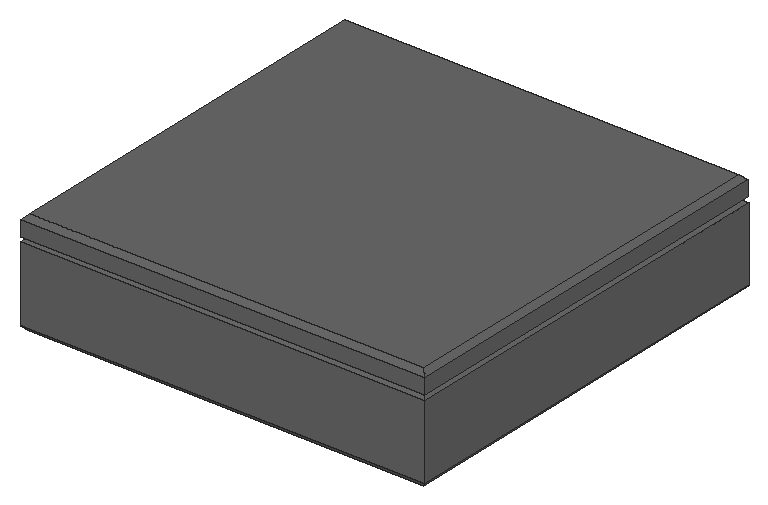
Revit family "Control_System-Lutron-X96_Ketra_Controller", category Lighting Fixtures, host Face, Revit 2019
Family settings
  Host = Face
  Round Connector Dimension = Use Radius
  Part Type = Normal
  OmniClass Number = 23.80.30.11.17
  OmniClass Title = Distribution Boards and Control Panels
  Cut with Voids When Loaded = Yes
  Light Source = No
  Shared = No
  Room Calculation Point = No
Parameters (values of type "HW-X96-X-J1")
  Width = 0' - 5"  # constant formula
  Wattage Comments = "92W"
  Wattage = 92 W
  Warranty URL = "https://www.ketra.com/warranty"
  Voltage = 120 V
  Video Link = "https://www.youtube.com/channel/UCoi0s4m2bA8ay4c_NMBYIDQ"
  Version = "2019 - v1.0a"  # constant formula
  Type Comments = ""
  Support Phone = "(224) 699-9545"  # constant formula
  Support Email = "mailto: support@anguleris.com"
  Product Page URL = "https://www.ketra.com/led-lighting-products/controlsystems/x96"
  Product Name = "X96 Ketra Controller"  # constant formula
  Product Documentation Link = "https://www.ketra.com/hubfs/X96_Spec_3662483b.pdf"
  Power Factor = 1
  Performance URL = "http://www.lutron.com/en-US/Service-Support/Pages/Technical/PerfomanceSpecs.aspx"
  URL = "https://www.ketra.com/"
  Series = "Ketra"  # constant formula
  Number of Poles = 1
  Model = "HW-X96-X-J1"  # constant formula
  Material = ""
  Manufacturer Phone Number = "610-282-3800"  # constant formula
  Manufacturer Fax Number = "610-282-1243"  # constant formula
  Manufacturer Email = "lightingsupport@lutron.com"
  Manufacturer Address = "7200 Suter Rd, Coopersburg, PA 18036"  # constant formula
  Manufacturer = "Lutron Electronics Co., Inc"  # constant formula
  Load Classification = Lighting
  Lamp = "-"  # constant formula
  Keynote = "26 51 00"
  Instruction Sheet Link = "https://www.ketra.com/hubfs/3662641a.pdf"
  Height = 0' - 5"  # constant formula
  Frequency = "60 Hz"
  Finish = Metal - Lutron - BL - Black
  Description = "The X96 is a beautifully designed Ketra controller used to power and control the Ketra LS0 Lightbar Slim linear. It is a 96W class 2 driver with wireless capability that allows for easy installation in multiple, convenient locations.​ The X96 communicates via the Lutron’s Clear Connect Type X protocol and therefore enables Ketra’s LS0 Lightbar Slim to integrate with Lutron’s commercial and residential control systems, Athena and HomeWorks."  # constant formula
  Depth = 0' - 1 77/256"  # constant formula
  Default Elevation = 0' - 0"  # constant formula
  Current = 0.92 A
  Cost Info = ""
  Cost = 0
  Copyright = "© 2021 Lutron Electronics Co., Inc."  # constant formula
  Bevel Thickness [instance] = 0' - 0 1/16"  # constant formula
  Bevel Middle Location [instance] = 0' - 0 5/16"  # constant formula
  Assembly Code = "D5020200"
  Apparent Load = Wattage * Power Factor  # 92 VA
Reference planes (in)
  plane 1 "Center (Front/Back)": y = 0
  plane 2: z = 0
  plane 3 "Center (Left/Right)": x = 0
  plane 4: x = -2.5
  plane 5: x = 2.5
  plane 6: y = 2.5
  plane 7: y = -2.5
  plane 8: z = 1.30078
  plane 9: x = -2.4375
  plane 10: x = 2.4375
  plane 11: y = 2.4375
  plane 12: y = -2.4375
  plane 13: z = 1.23828
  plane 14: z = 0.0625
  plane 15: z = 0.98828
  plane 16: z = 1.05078
Forms (in)
  Extrusion 1, solid, material "Metal - Lutron - BL - Black" <- "Finish"
    sketch origin (0, 0, 0) x (1, 0, 0) y (0, 1, 0)
      loop
        line (-2.5, 2.5) -> (-2.5, -2.5) -> (2.5, -2.5) -> (2.5, 2.5) -> (-2.5, 2.5)
    from 1.05078 to 1.23828
  Blend 2, solid, material "Metal - Lutron - BL - Black" <- "Finish"
    base sketch origin (0, 0, 0) x (1, 0, 0) y (0, 1, 0)
      loop
        line (-2.5, 2.5) -> (-2.5, -2.5) -> (2.5, -2.5) -> (2.5, 2.5) -> (-2.5, 2.5)
    top sketch origin (0, 0, 0) x (1, 0, 0) y (0, 1, 0)
      loop
        line (-2.4375, 2.4375) -> (-2.4375, -2.4375) -> (2.4375, -2.4375) -> (2.4375, 2.4375) -> (-2.4375, 2.4375)
    from 1.23828 to 1.30078
  Blend 3, solid, material "Metal - Lutron - BL - Black" <- "Finish"
    base sketch origin (0, 0, 0) x (1, 0, 0) y (0, 1, 0)
      loop
        line (-2.5, 2.5) -> (-2.5, -2.5) -> (2.5, -2.5) -> (2.5, 2.5) -> (-2.5, 2.5)
    top sketch origin (0, 0, 0) x (1, 0, 0) y (0, 1, 0)
      loop
        line (-2.4375, 2.4375) -> (-2.4375, -2.4375) -> (2.4375, -2.4375) -> (2.4375, 2.4375) -> (-2.4375, 2.4375)
    from 0.0625 to 0
  Extrusion 4, solid, material "Metal - Lutron - BL - Black" <- "Finish"
    sketch origin (0, 0, 0) x (1, 0, 0) y (0, 1, 0)
      loop
        line (-2.5, 2.5) -> (-2.5, -2.5) -> (2.5, -2.5) -> (2.5, 2.5) -> (-2.5, 2.5)
    from 0.0625 to 0.98828
  Blend 5, solid, material "Metal - Lutron - BL - Black" <- "Finish"
    base sketch origin (0, 0, 0) x (1, 0, 0) y (0, 1, 0)
      loop
        line (-2.5, 2.5) -> (-2.5, -2.5) -> (2.5, -2.5) -> (2.5, 2.5) -> (-2.5, 2.5)
    top sketch origin (0, 0, 0) x (1, 0, 0) y (0, 1, 0)
      loop
        line (-2.4375, 2.4375) -> (-2.4375, -2.4375) -> (2.4375, -2.4375) -> (2.4375, 2.4375) -> (-2.4375, 2.4375)
    from 0.98828 to 1.05078
Dimensions and locks (in)
  equal spacing: host sketch curve, plane 1 "Center (Front/Back)", host sketch curve
  equal spacing: host sketch curve, plane 3 "Center (Left/Right)", host sketch curve
  equal spacing: plane 4, plane 3 "Center (Left/Right)", plane 5
  "Width": plane 4 to plane 5
  equal spacing: plane 6, plane 1 "Center (Front/Back)", plane 7
  "Height": plane 6 to plane 7
  "Depth": plane 8 to level
  "Bevel Thickness": plane 6 to plane 11
  "Bevel Thickness": plane 7 to plane 12
  "Bevel Thickness": plane 4 to plane 9
  "Bevel Thickness": plane 10 to plane 5
  "Bevel Thickness": plane 8 to plane 13
  "Bevel Thickness": plane 14 to level
  "Bevel Middle Location": plane 8 to plane 15
  "Bevel Thickness": plane 16 to plane 15
  aligned and locked: plane 2 to host face
  aligned and locked: level to host face
  aligned and locked: Extrusion 1 sketch curve to plane 6
  aligned and locked: plane 4 to Extrusion 1 sketch curve
  aligned and locked: Extrusion 1 sketch curve to plane 7
  aligned and locked: plane 5 to Extrusion 1 sketch curve
  aligned and locked: plane 13 to Extrusion 1
  aligned and locked: Blend 2 to plane 13
  aligned and locked: plane 8 to Blend 2
  aligned and locked: Blend 3 to plane 14
  aligned and locked: Blend 3 to level
  aligned and locked: Extrusion 4 sketch curve to plane 6
  aligned and locked: plane 5 to Extrusion 4 sketch curve
  aligned and locked: Extrusion 4 sketch curve to plane 7
  aligned and locked: plane 4 to Extrusion 4 sketch curve
  aligned and locked: plane 15 to Extrusion 4
  aligned and locked: Extrusion 4 to plane 14
  aligned and locked: Blend 5 to plane 15
  aligned and locked: Blend 5 to Extrusion 1
  aligned and locked: plane 4 to Blend 2 sketch curve
  aligned and locked: Blend 2 sketch curve to plane 6
  aligned and locked: plane 5 to Blend 2 sketch curve
  aligned and locked: Blend 2 sketch curve to plane 7
  aligned and locked: plane 9 to Blend 2 sketch curve
  aligned and locked: Blend 2 sketch curve to plane 12
  aligned and locked: Blend 2 sketch curve to plane 10
  aligned and locked: Blend 2 sketch curve to plane 11
  aligned and locked: plane 5 to Blend 5 sketch curve
  aligned and locked: Blend 5 sketch curve to plane 6
  aligned and locked: plane 4 to Blend 5 sketch curve
  aligned and locked: Blend 5 sketch curve to plane 7
  aligned and locked: plane 9 to Blend 5 sketch curve
  aligned and locked: Blend 5 sketch curve to plane 12
  aligned and locked: Blend 5 sketch curve to plane 10
  aligned and locked: Blend 5 sketch curve to plane 11
  aligned and locked: Blend 3 sketch curve to plane 6
  aligned and locked: plane 5 to Blend 3 sketch curve
  aligned and locked: Blend 3 sketch curve to plane 7
  aligned and locked: plane 4 to Blend 3 sketch curve
  aligned and locked: Blend 3 sketch curve to plane 11
  aligned and locked: Blend 3 sketch curve to plane 10
  aligned and locked: Blend 3 sketch curve to plane 12
  aligned and locked: plane 9 to Blend 3 sketch curve
Connectors (in)
  electrical at (0, 0, 0), driven by "Voltage", driven by "Number of Poles", driven by "Load Classification", driven by "Apparent Load", driven by "Power Factor"
    settings: on Blend 3, index 2, voltage 120 V, apparent load 92 VA, apparent load phase1 0 VA, apparent load phase2 0 VA, apparent load phase3 0 VA, power factor 1, load classification "Lighting", number of poles 1, system type 30, power factor state 1, is connector primary yes, connector utility no, sub classification motor no, connector description "Electrical Connector"
